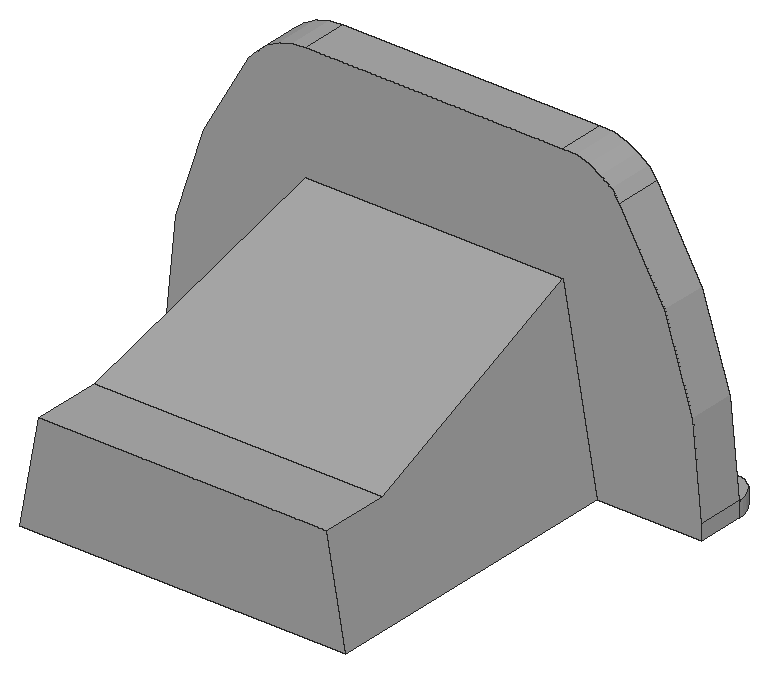
Revit family "AquaFount_4_Station-Willoughby-WAF-4400-JR", category Plumbing Fixtures, Revit 2015
Parameters (values of type "Standard")
  Waste DIA = 1 1/2"
  Waste Connection = yes
  Vent Connection = no
  URL = "www.willoughby-ind.comhttps://www.willoughby-ind.com/wp-content/uploads/2018/01/WAF-4400.pdf"
  Solid Surface Sink = Solid Surface Acrylic Resin-Willoughby
  Revision = "A"
  Model = "WAF-4400-JR"
  Manufacturer = "Willoughby Industries"
  Lav Waste RAD = Waste DIA / 2  # 3/4"
  HW inlet RAD = CW Inlet DIA / 2  # 1/4"
  HW Inlet DIA = 1/2"
  HW Connection = yes
  Fixture Body = Stainless Steel AISI 304-Willoughby
  Description = "4 station washfountain, Floor Mounted, Junior Height"
  Default Elevation = 0' - 0"
  Contact Info = "(800) 428-4065"
  CW inlet RAD = HW Inlet DIA / 2  # 1/4"
  CW Inlet DIA = 1/2"
  CW Connection = yes
Reference planes (in)
  plane 1 "Center (Front/Back)": y = 0
  plane 2: z = 0
  plane 3 "Center (Left/Right)": x = 0
  plane 4: y = 34
  plane 5: y = 20.5
  plane 6: x = -1
  plane 7: x = -5
  plane 8: y = 23.5
  plane 9: z = 3
Forms (in)
  Extrusion 1, solid, material "Solid Surface Acrylic Resin-Willoughby" <- "Solid Surface Sink"
    sketch origin (0, 0, 0) x (1, 0, 0) y (0, 0, 1)
      loop
        line (23, 0) -> (23, 1.3125)
        arc (23, 1.3125) -> (21.19686, 12.93507) -> (15.95696, 23.46497) r 38.35959
        arc (15.95696, 23.46497) -> (13.81633, 25.32869) -> (11.05859, 26) r 6
        line (11.05859, 26) -> (-11.05859, 26)
        arc (-11.05859, 26) -> (-13.81633, 25.32869) -> (-15.95696, 23.46497) r 6
        arc (-15.95696, 23.46497) -> (-21.19686, 12.93507) -> (-23, 1.3125) r 38.35959
        line (-23, 1.3125) -> (-23, 0) -> (23, 0)
    from -34 to -30
  Extrusion 2, solid, material "Solid Surface Acrylic Resin-Willoughby" <- "Solid Surface Sink", detail levels medium+fine
    sketch origin (0, 0, 0) x (1, 0, 0) y (0, 1, 0)
      loop
        line (11.25, 37.5) -> (-11.24835, 37.5) -> (-20.60378, 36.68151)
        arc (-20.60378, 36.68151) -> (-22.31035, 35.83992) -> (-23, 34.06649) r 2.625
        line (-23, 34.06649) -> (-23, 34) -> (23, 34) -> (23, 34.06664)
        arc (23, 34.06664) -> (22.31035, 35.84006) -> (20.60378, 36.68165) r 2.625
        line (20.60378, 36.68165) -> (11.25, 37.5)
    from 0 to 1.3125
  Extrusion 3, void, detail levels fine
    sketch origin (0, 0, 0) x (1, 0, 0) y (0, 0, 1)
      loop
        arc (-9.80741, 8.48537) -> (-9.46062, 9.06188) -> (-8.82704, 9.2882) r 1
        line (-8.82704, 9.2882) -> (8.82704, 9.2882)
        arc (8.82704, 9.2882) -> (9.46062, 9.06188) -> (9.80741, 8.48537) r 1
        line (9.80741, 8.48537) -> (11.14944, 1.8125) -> (21, 1.8125)
        arc (21, 1.8125) -> (19.21774, 12.56708) -> (14.32761, 22.30998) r 36.35959
        arc (14.32761, 22.30998) -> (12.90052, 23.55246) -> (11.06203, 24) r 4
        line (11.06203, 24) -> (-11.06203, 24)
        arc (-11.06203, 24) -> (-12.90052, 23.55246) -> (-14.32761, 22.30998) r 4
        arc (-14.32761, 22.30998) -> (-19.29431, 12.32909) -> (-21.00344, 1.3125) r 36.35959
        line (-21.00344, 1.3125) -> (-11.25, 1.3125) -> (-9.80741, 8.48537)
    from -34 to -31.04074
  Extrusion 4, solid, material "Stainless Steel AISI 304-Willoughby" <- "Fixture Body"
    sketch origin (0, 0, 0) x (1, 0, 0) y (0, 0, 1)
      loop
        arc (9.16146, 11.69717) -> (8.81467, 12.27368) -> (8.18109, 12.5) r 1
        line (8.18109, 12.5) -> (-8.18109, 12.5)
        arc (-8.18109, 12.5) -> (-8.81467, 12.27368) -> (-9.16146, 11.69717) r 1
        line (-9.16146, 11.69717) -> (-11.25, 1.3125) -> (-11.25, 0) -> (11.25, 0) -> (11.25, 1.3125) -> (9.16146, 11.69717)
    from -38.6875 to -34
  Extrusion 5, solid, material "Solid Surface Acrylic Resin-Willoughby" <- "Solid Surface Sink", detail levels medium+fine
    sketch origin (0, 0, 0) x (1, 0, 0) y (0, 0, 1)
      loop
        line (-11.8125, 0) -> (11.8125, 0) -> (11.8125, 1.36228) -> (9.63342, 12.19717)
        arc (9.63342, 12.19717) -> (9.28662, 12.77368) -> (8.65305, 13) r 1
        line (8.65305, 13) -> (-8.65305, 13)
        arc (-8.65305, 13) -> (-9.28662, 12.77368) -> (-9.63342, 12.19717) r 1
        line (-9.63342, 12.19717) -> (-11.8125, 1.36228) -> (-11.8125, 0)
    from -39.5 to -38.6875
  Extrusion 6, solid, material "Solid Surface Acrylic Resin-Willoughby" <- "Solid Surface Sink"
    sketch origin (0, 0, 0) x (0, 1, 0) y (0, 0, 1)
      loop
        line (3, 0) -> (30, 0) -> (30, 16) -> (9, 8.875) -> (3, 8.875) -> (3, 0)
    from -14 to 14
  Extrusion 7, void, detail levels fine
    sketch origin (-5, 0, 0) x (1, 0, 0) y (0, 0, 1)
      loop
        line (-6.0625, 16) -> (-10.92772, 16) -> (-10.92772, 0) -> (-9, 0) -> (-6.0625, 16)
    from -30 to 0
  Extrusion 8, void, detail levels fine
    sketch origin (5, 0, 0) x (-1, 0, 0) y (0, 0, -1)
      loop
        line (-6.0625, -16) -> (-9, 0) -> (-10.92772, 0) -> (-10.92772, -16) -> (-6.0625, -16)
    from -30 to 0
  Extrusion 9, solid, material "Stainless Steel AISI 304-Willoughby" <- "Fixture Body", detail levels fine
    sketch origin (4.5, 0, 0) x (1, 0, 0) y (0, 1, 0)
      loop
        circle (0, 36.04123) r 0.75
    from 12.5 to 13.5
  Extrusion 10, solid, material "Stainless Steel AISI 304-Willoughby" <- "Fixture Body", detail levels fine
    sketch origin (-2.29933, 0, 5.28548) x (0.197169, 0, -0.980369) y (0, 1, 0)
      loop
        circle (0, 36.04123) r 0.75
    from 12.5 to 13.5
  Extrusion 11, solid, material "Stainless Steel AISI 304-Willoughby" <- "Fixture Body", detail levels fine
    sketch origin (2.29933, 0, 5.28548) x (-0.197169, 0, -0.980369) y (0, -1, 0)
      loop
        circle (0, -36.04123) r 0.75
    from 12.5 to 13.5
  Extrusion 12, solid, material "Stainless Steel AISI 304-Willoughby" <- "Fixture Body", detail levels fine
    sketch origin (0, 0, 0) x (1, 0, 0) y (0, 1, 0)
      loop
        circle (-1, 20.5) r 0.25
    from 3 to 4.28228
  Extrusion 13, solid, material "Stainless Steel AISI 304-Willoughby" <- "Fixture Body", detail levels fine
    sketch origin (-4, 0, 0) x (1, 0, 0) y (0, 1, 0)
      loop
        circle (-1, 20.5) r 0.25
    from 3 to 4.28228
  Extrusion 14, solid, material "Stainless Steel AISI 304-Willoughby" <- "Fixture Body", detail levels fine
    sketch origin (0, 0, 0) x (1, 0, 0) y (0, 1, 0)
      loop
        circle (0, 23.5) r 0.75
    from 3 to 4.28228
  Extrusion 15, solid, material "Stainless Steel AISI 304-Willoughby" <- "Fixture Body", detail levels fine
    sketch origin (-4.5, 0, 0) x (-1, 0, 0) y (0, -1, 0)
      loop
        circle (0, -36.04123) r 0.75
    from 12.5 to 13.5
Cuts and joins
  Extrusion 8 cuts Extrusion 5
  Extrusion 7, Extrusion 8 cuts Extrusion 6
  Extrusion 8 cuts Extrusion 2
  Extrusion 8 cuts Extrusion 4
  Extrusion 3, Extrusion 8 cuts Extrusion 1
Lines and regions (in)
  symbolic lines
    curve 1: line (-23, 0, 0) -> (23, 0, 0)
    curve 2: line (23, 0, 0) -> (23, 0, 1.3125)
    curve 3: line (23, 0, 1.3125) -> (-23, 0, 1.3125)
    curve 4: line (-23, 0, 1.3125) -> (-23, 0, 0)
    curve 5: arc (23, 0, 1.3125) -> (21.19686, 0, 12.93507) -> (15.95696, 0, 23.46497) r 38.35959
    curve 6: arc (15.95696, 0, 23.46497) -> (13.81633, 0, 25.32869) -> (11.05859, 0, 26) r 6
    curve 7: arc (-23, 0, 1.3125) -> (-21.19686, 0, 12.93507) -> (-15.95696, 0, 23.46497) r 38.35959
    curve 8: arc (-15.95696, 0, 23.46497) -> (-13.81633, 0, 25.32869) -> (-11.05859, 0, 26) r 6
    curve 9: line (-11.05859, 0, 26) -> (11.05859, 0, 26)
    curve 22: line (0, 0, 0) -> (0, 39.5, 0)
    curve 23: line (0, 39.5, 0) -> (0, 39.5, 13)
    curve 24: line (0, 39.5, 13) -> (0, 38.6875, 13)
    curve 25: line (0, 38.6875, 13) -> (0, 38.6875, 0)
    curve 26: line (0, 39.5, 1.36228) -> (0, 38.6875, 1.36228)
    curve 27: line (0, 38.6875, 12.5) -> (0, 34, 12.5)
    curve 28: line (0, 34, 12.5) -> (0, 34, 0)
    curve 29: line (0, 38.6875, 1.3125) -> (0, 34, 1.3125)
    curve 30: line (0, 34, 12.5) -> (0, 34, 26)
    curve 31: line (0, 34, 26) -> (0, 30, 26)
    curve 32: line (0, 30, 26) -> (0, 30, 0)
    curve 33: line (0, 30, 16) -> (0, 9, 8.875)
    curve 34: line (0, 9, 8.875) -> (0, 0, 8.875)
    curve 35: line (0, 0, 8.875) -> (0, 0, 0)
    curve 41: line (-14, 0, 0) -> (14, 0, 0)
    curve 42: line (14, 0, 0) -> (14, 30, 0)
    curve 43: line (-14, 0, 0) -> (-14, 30, 0)
    curve 44: line (-11.05859, 30, 0) -> (-12.36417, 9.04062, 0)
    curve 45: line (-12.36417, 9.04062, 0) -> (-12.36417, 0, 0)
    curve 46: line (12.37061, 0, 0) -> (12.37061, 9.04062, 0)
    curve 47: line (-12.36417, 9.04062, 0) -> (12.37061, 9.04062, 0)
    curve 48: line (11.05859, 30, 0) -> (12.36417, 9.04062, 0)
    curve 49: line (-23, 30, 0) -> (23, 30, 0)
    curve 50: line (23, 34, 0) -> (23, 30, 0)
    curve 51: line (-23, 30, 0) -> (-23, 34, 0)
    curve 52: line (-23, 34, 0) -> (23, 34, 0)
    curve 53: line (21, 34, 0) -> (21, 31.04074, 0)
    curve 54: line (21, 31.04074, 0) -> (-21.00344, 31.04074, 0)
    curve 55: line (-21.00344, 31.04074, 0) -> (-21.00344, 34, 0)
    curve 56: line (-11.25, 31.04074, 0) -> (-11.25, 38.6875, 0)
    curve 57: line (11.14944, 31.04074, 0) -> (11.14944, 38.79074, 0)
    curve 58: line (-11.25, 37.5, 0) -> (11.14944, 37.5, 0)
    curve 59: line (-11.8125, 38.6875, 0) -> (11.8125, 38.6875, 0)
    curve 60: line (11.8125, 38.6875, 0) -> (11.8125, 39.5, 0)
    curve 61: line (11.8125, 39.5, 0) -> (-11.8125, 39.5, 0)
    curve 62: line (-11.8125, 39.5, 0) -> (-11.8125, 38.6875, 0)
    curve 63: line (11.14944, 37.5, 0) -> (20.61329, 36.67202, 0)
    curve 64: arc (20.61329, 36.67202, 0) -> (22.33599, 35.80883, 0) -> (23, 34, 0) r 2.61551
    curve 65: line (-11.25, 37.5, 0) -> (-20.60382, 36.6815, 0)
    curve 66: arc (-20.60382, 36.6815, 0) -> (-22.33296, 35.81529, 0) -> (-23, 34, 0) r 2.6259
  symbolic lines, detail levels medium+fine
    curve 10: arc (21.00344, 0, 1.3125) -> (19.29431, 0, 12.32909) -> (14.32761, 0, 22.30998) r 36.35959
    curve 11: arc (14.32761, 0, 22.30998) -> (12.90052, 0, 23.55246) -> (11.06203, 0, 24) r 4
    curve 12: arc (-11.06203, 0, 24) -> (-12.90052, 0, 23.55246) -> (-14.32761, 0, 22.30998) r 4
    curve 13: arc (-14.32761, 0, 22.30998) -> (-19.29431, 0, 12.32909) -> (-21.00344, 0, 1.3125) r 36.35959
    curve 14: line (11.06203, 0, 24) -> (-11.06203, 0, 24)
  symbolic lines, detail levels fine
    curve 15: line (11.8125, 0, 0) -> (11.8125, 0, 1.3125)
    curve 16: arc (-8.65305, 0, 13) -> (-9.28662, 0, 12.77368) -> (-9.63342, 0, 12.19717) r 1
    curve 17: line (-9.63342, 0, 12.19717) -> (-11.82251, 0, 1.3125)
    curve 18: line (-11.82251, 0, 1.3125) -> (-11.82251, 0, 0)
    curve 19: line (11.8125, 0, 1.3125) -> (9.59435, 0, 12.34166)
    curve 20: arc (9.59435, 0, 12.34166) -> (9.25555, 0, 12.85936) -> (8.65305, 0, 13) r 0.83193
    curve 21: line (8.65305, 0, 13) -> (-8.65305, 0, 13)
    curve 36: line (0, 36.6875, 12.5) -> (0, 36.6875, 13.5)
    curve 37: line (0, 36.6875, 13.5) -> (0, 35.29123, 13.5)
    curve 38: line (0, 35.29123, 13.5) -> (0, 35.29123, 12.5)
    curve 39: arc (0, 36.78259, 7.8467) -> (0, 36.03259, 8.5967) -> (0, 35.28259, 7.8467) r 0.75
    curve 40: arc (0, 35.28259, 7.8467) -> (0, 36.03259, 7.0967) -> (0, 36.78259, 7.8467) r 0.75
Dimensions and locks (in)
  locked: Extrusion 1 to Extrusion 1 at 4
  aligned and locked: plane 4 to Extrusion 1
  aligned and locked: plane 9 to Extrusion 12
  aligned and locked: cut or joined group of Extrusion 2, Extrusion 8 to level
  aligned and locked: cut or joined group of Extrusion 1, Extrusion 3, Extrusion 8 to cut or joined group of Extrusion 2, Extrusion 8
  aligned and locked: cut or joined group of Extrusion 2, Extrusion 8 to cut or joined group of Extrusion 1, Extrusion 3, Extrusion 8  (x2)
  aligned and locked: cut or joined group of Extrusion 5, Extrusion 8 to cut or joined group of Extrusion 5, Extrusion 8
Connectors (in)
  piping at (-1, 20.5, 3), diameter 0.5, driven by "CW inlet RAD", driven by "CW Connection"
    settings: on Extrusion 12, index 1, connector inside diameter 1/2", connector length 0' - 0", flow factor 0, pipe flow 0 GPM, pressure drop 0.00 psi, fitting loss kfactor 0, connector angle 0.00°, fixture units 0, engagement length 0' - 0", angle of deflection 0.00°, flow configuration 0, flow direction 1, fitting loss method 0, system type 20, joint type 0, gender type 0, connector reference index -1, connector utility 1, adjustable connector no, is connector primary yes, connector description "Washfountain CW Supply"
  piping at (-5, 20.5, 3), diameter 0.5, driven by "HW inlet RAD", driven by "HW Connection"
    settings: on Extrusion 13, index 2, connector inside diameter 1/2", connector length 0' - 0", flow factor 0, pipe flow 0 GPM, pressure drop 0.00 psi, fitting loss kfactor 0, connector angle 0.00°, fixture units 0, engagement length 0' - 0", angle of deflection 0.00°, flow configuration 0, flow direction 1, fitting loss method 0, system type 19, joint type 0, gender type 0, connector reference index -1, connector utility 1, adjustable connector no, is connector primary no, connector description "Washfountain HW Supply"
  piping at (0, 23.5, 3), diameter 1.5, driven by "Waste Connection", driven by "Lav Waste RAD"
    settings: on Extrusion 14, index 3, connector inside diameter 1 1/2", connector length 0' - 0", flow factor 0, pipe flow 0 GPM, pressure drop 0.00 psi, fitting loss kfactor 0, connector angle 0.00°, fixture units 0, engagement length 0' - 0", angle of deflection 0.00°, flow configuration 0, flow direction 2, fitting loss method 0, system type 16, joint type 0, gender type 0, connector reference index -1, connector utility 1, adjustable connector yes, is connector primary no, connector description "Washfountain Drain"
